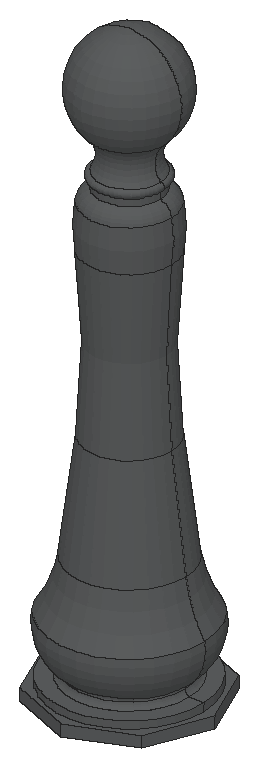
Revit family "Чугунный тротуарный столбик «Пешка» (стандарт)", category Антураж, Revit 2017
Family settings
  На основе рабочей плоскости = Нет
  Всегда вертикально = Да
  При загрузке вырезать с полостями = Нет
  Источник визуального образа = Геометрия семейства
  Общий = Нет
  Точка расчета площади = Нет
Parameters (values of type "Чугунный тротуарный столбик «Пешка» (стандарт)")
  Стоимость = 8640
  Изготовитель = "ООО \"Хоббика\""
  Высота = 0 mm
  URL = "https://hobbyka.ru/product/chugunnyy_trotuarnyy_stolbik_peshka_standart/?sphrase_id=70645"
  ADSK_Размер_Ширина = 230 mm
  ADSK_Размер_Высота = 800 mm
  ADSK_Наименование = "Чугунный тротуарный столбик «Пешка» (стандарт)"
  ADSK_Материал парковочного столба = Чугун, серый
  ADSK_Код изделия = "9882"
Reference planes
  plane 1 "По центру (Вперед/Назад)": y = 0
  plane 2: z = 0
  plane 3 "По центру (Влево/Вправо)": x = 0
Forms (mm)
  Revolve 1, solid, material "Чугун, серый" <- "ADSK_Материал парковочного столба"
    sketch origin (0, 0, 0) x (1, 0, 0) y (0, 0, 1)
      loop
        line (-100, 15.09) -> (0, 15.09) -> (0, 800)
        arc (0, 800) -> (-64.835, 754.97) -> (-49.097, 677.616) r 71.777
        arc (-49.097, 677.616) -> (-35.517, 655.139) -> (-41.765, 629.631) r 34.381
        arc (-41.765, 629.631) -> (-46.795, 624.601) -> (-41.765, 619.571) r 5.03
        line (-41.765, 619.571) -> (-41.765, 609.512)
        arc (-41.765, 609.512) -> (-51.806, 602.77) -> (-56.844, 591.774) r 22.276
        arc (-56.844, 591.774) -> (-59.141, 564.074) -> (-57.439, 536.331) r 193.198
        arc (-57.439, 536.331) -> (-49.722, 424.474) -> (-56.435, 312.551) r 871.273
        line (-56.435, 312.551) -> (-75.161, 167.943)
        arc (-75.161, 167.943) -> (-84.63, 132.264) -> (-101.689, 99.527) r 167.4
        arc (-101.689, 99.527) -> (-98.87, 66.947) -> (-80, 40.239) r 62.571
        arc (-80, 40.239) -> (-75.754, 38.164) -> (-74.51, 33.604) r 5.732
        arc (-74.51, 33.604) -> (-76.194, 28.688) -> (-80, 25.149) r 10.677
        line (-80, 25.149) -> (-100, 25.149) -> (-100, 15.09)
      axis (0, 800) -> (0, 15.09)
    angle from 0 to 360
  Extrusion 2, solid, material "Чугун, серый" <- "ADSK_Материал парковочного столба"
    sketch origin (0, 0, 0) x (1, 0, 0) y (0, 1, 0)
      loop
        line (0, 115) -> (-81.317, 81.317) -> (-115, 0) -> (-81.317, -81.317) -> (0, -115) -> (81.317, -81.317) -> (115, 0) -> (81.317, 81.317) -> (0, 115)
    from 0 to 15.09
Dimensions and locks
  aligned and locked: level to plane 2
